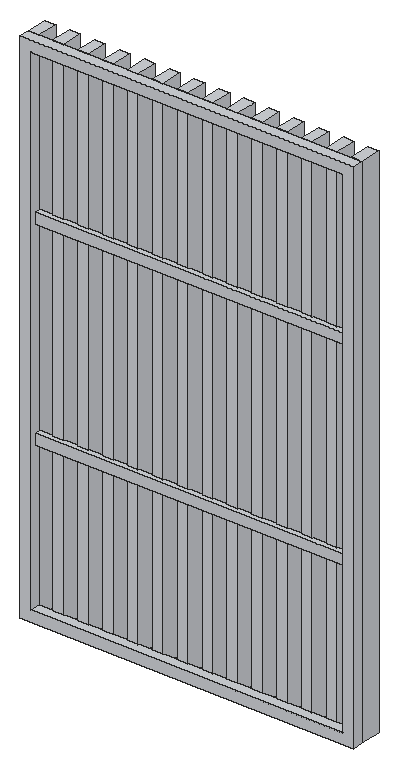
Revit family "Privacy Screen_Virtical Members", category Generic Models, Revit 2025
Family settings
  Can host rebar = No
  Round Connector Dimension = Use Diameter
  Part Type = Normal
  Work Plane-Based = No
  Always vertical = Yes
  Cut with Voids When Loaded = No
  Maintain Annotation Orientation = No
  Shared = No
  Room Calculation Point = No
Parameters
  Screen height = 2500 mm
  Screen Width = 1600 mm
  Post Width = 100 mm
  Post Height = Screen height  # 2500 mm
  Post Depth = 50 mm
  Material = none
  Frame Width = 50 mm
  Frame Depth = 50 mm
  Default Elevation = 0 mm
  Bottom Battern Height = 750 mm
  Battern Width = 25 mm
  Battern Thickness = 50 mm
  Battern Space = 1000 mm
  Battern Length = Screen Width - 2 * Frame Depth  # 1500 mm
  Baluster Start = 50 mm  # constant formula
  Baluster Count = (((Screen Width - 2 * Frame Depth - 2 * Baluster Start) / Post Depth)) / 2  # 14
Reference planes
  plane 1 "Center (Front/Back)": y = 0
  plane 2: z = 0
  plane 3 "Center (Left/Right)": x = 0
  plane 4: x = -800
  plane 5: x = 800
  plane 6: z = 2500
  plane 7: z = 50
  plane 8: x = -750
  plane 9: x = 750
  plane 10: z = 2450
  plane 11: y = -25
  plane 12: y = 25
  plane 13: x = -700
  plane 14: x = -750
  plane 15: x = 700
  plane 16: x = 750
  plane 17: z = 750
  plane 18: z = 1750
  plane 19: y = 0
Forms (mm)
  Sweep 1, solid, material <- "Material"
    path origin (0, 0, 0) x (1, 0, 0) y (0, 0, 1)
      loop
        line (-800, 0) -> (800, 0) -> (800, 2500) -> (-800, 2500) -> (-800, 0)
    profile origin (-800, 0, 1250) x (0, -1, 0) y (1, 0, 0)
      loop
        line (0, 0) -> (50, 0) -> (50, 50) -> (0, 50) -> (0, 0)
Dimensions and locks
  equal spacing: plane 4, plane 3 "Center (Left/Right)", plane 5
  "Screen Width": plane 4 to plane 5
  "Screen height": plane 6 to plane 2
  "Frame Depth": Sweep 1 sketch curve to Sweep 1 sketch curve
  "Frame Width": Sweep 1 sketch curve to Sweep 1 sketch curve
  "Frame Depth": plane 7 to plane 2
  "Frame Depth": plane 8 to plane 4
  "Frame Depth": plane 9 to plane 5
  "Frame Depth": plane 10 to plane 6
  equal spacing: plane 12, plane 1 "Center (Front/Back)", plane 11
  "Frame Width": plane 12 to plane 11
  "Frame Depth": plane 4 to plane 14
  "Baluster Start": plane 14 to plane 13
  "Frame Depth": plane 5 to plane 16
  "Baluster Start": plane 15 to plane 16
  equal spacing: group 1, group 3, group 4, group 5, group 6, group 7, group 8, group 9, group 10, group 11, group 12, group 13, group 14, group 2  (x2)
  equal spacing: group 2, group 14, group 13, group 12, group 11, group 10, group 9, group 8, group 7, group 6, group 5, group 4, group 3, group 1
  "Bottom Battern Height": plane 17 to level
  "Battern Space": plane 18 to plane 17
  "Battern Width": plane 11 to plane 19
  aligned and locked: level to plane 2
  aligned and locked: Sweep 1 sketch curve to level
  aligned and locked: Sweep 1 sketch curve to plane 4
  aligned and locked: plane 6 to Sweep 1 sketch curve
  aligned and locked: Sweep 1 sketch curve to plane 5
  aligned and locked: nested 12 to plane 3 "Center (Left/Right)"
  aligned and locked: nested 1 to plane 19
  aligned and locked: nested 2 to plane 19
  aligned and locked: plane 11 to nested 12
  aligned and locked: nested 12 to plane 17
  aligned and locked: plane 11 to nested 13
  aligned and locked: nested 13 to plane 3 "Center (Left/Right)"
  aligned and locked: plane 18 to nested 13
  aligned and locked: profile plane to Sweep 1 sketch curve
  aligned and locked: nested 1 to plane 2
  aligned and locked: nested 2 to plane 2
  aligned and locked: nested 2 to plane 5
  aligned and locked: nested 1 to plane 4
Automatic sketch dimensions
  Sweep 1 sketch curve to profile plane = 0 mm
Nested families
  nested 1: "Screen Post" at (-775, 50, 0) x (0, 1, 0) z (0, 0, 1), type "Screen Post"
    with Width 100 mm, Length 50 mm, Height 2500 mm
  nested 2: "Screen Post" at (775, 50, 0) x (0, 1, 0) z (0, 0, 1), type "Screen Post"
    with Width 100 mm, Length 50 mm, Height 2500 mm
  nested 3: "Screen Post" at (-655.769, 50, 0) x (0, 1, 0) z (0, 0, 1), type "Screen Post"
    with Width 100 mm, Length 50 mm, Height 2500 mm
  nested 4: "Screen Post" at (-536.538, 50, 0) x (0, 1, 0) z (0, 0, 1), type "Screen Post"
    with Width 100 mm, Length 50 mm, Height 2500 mm
  nested 5: "Screen Post" at (-417.308, 50, 0) x (0, 1, 0) z (0, 0, 1), type "Screen Post"
    with Width 100 mm, Length 50 mm, Height 2500 mm
  nested 6: "Screen Post" at (-298.077, 50, 0) x (0, 1, 0) z (0, 0, 1), type "Screen Post"
    with Width 100 mm, Length 50 mm, Height 2500 mm
  nested 7: "Screen Post" at (-178.846, 50, 0) x (0, 1, 0) z (0, 0, 1), type "Screen Post"
    with Width 100 mm, Length 50 mm, Height 2500 mm
  nested 8: "Screen Post" at (-59.615, 50, 0) x (0, 1, 0) z (0, 0, 1), type "Screen Post"
    with Width 100 mm, Length 50 mm, Height 2500 mm
  nested 9: "Screen Post" at (59.615, 50, 0) x (0, 1, 0) z (0, 0, 1), type "Screen Post"
    with Width 100 mm, Length 50 mm, Height 2500 mm
  nested 10: "Screen Post" at (178.846, 50, 0) x (0, 1, 0) z (0, 0, 1), type "Screen Post"
    with Width 100 mm, Length 50 mm, Height 2500 mm
  nested 11: "Screen Post" at (298.077, 50, 0) x (0, 1, 0) z (0, 0, 1), type "Screen Post"
    with Width 100 mm, Length 50 mm, Height 2500 mm
  nested 12: "Screen Front Battern" at (0, -12.5, 750) x (-1, 0, 0) z (0, 0, 1), type "Screen Front Battern"
    with Length 1500 mm
  nested 13: "Screen Front Battern" at (0, -12.5, 1700) x (-1, 0, 0) z (0, 0, 1), type "Screen Front Battern"
    with Length 1500 mm
  nested 14: "Screen Post" at (417.308, 50, 0) x (0, 1, 0) z (0, 0, 1), type "Screen Post"
    with Width 100 mm, Length 50 mm, Height 2500 mm
  nested 15: "Screen Post" at (536.538, 50, 0) x (0, 1, 0) z (0, 0, 1), type "Screen Post"
    with Width 100 mm, Length 50 mm, Height 2500 mm
  nested 16: "Screen Post" at (655.769, 50, 0) x (0, 1, 0) z (0, 0, 1), type "Screen Post"
    with Width 100 mm, Length 50 mm, Height 2500 mm
Definition of nested family "Screen Post"
  Parameters (values of type "Screen Post")
    Width = 150 mm
    Material = none
    Length = 150 mm
    Height = 1500 mm
    Default Elevation = 0 mm
  Reference planes
    plane 1 "Center (Front/Back)": y = 0
    plane 2: z = 0
    plane 3 "Center (Left/Right)": x = 0
    plane 4: y = 75
    plane 5: y = -75
    plane 6: x = -75
    plane 7: x = 75
    plane 8: z = 1500
  Forms (mm)
    Extrusion 1, solid, material <- "Material"
      sketch origin (0, 0, 0) x (1, 0, 0) y (0, 1, 0)
        loop
          line (-75, -75) -> (75, -75) -> (75, 75) -> (-75, 75) -> (-75, -75)
      from 0 to 1500
  Dimensions and locks
    equal spacing: plane 5, plane 1 "Center (Front/Back)", plane 4
    "Length": plane 4 to plane 5
    equal spacing: plane 6, plane 3 "Center (Left/Right)", plane 7
    "Width": plane 6 to plane 7
    "Height": plane 8 to plane 2
    aligned and locked: level to plane 2
    aligned and locked: plane 5 to Extrusion 1 sketch curve
    aligned and locked: Extrusion 1 sketch curve to plane 6
    aligned and locked: plane 4 to Extrusion 1 sketch curve
    aligned and locked: Extrusion 1 sketch curve to plane 7
    aligned and locked: plane 8 to Extrusion 1
    aligned and locked: Extrusion 1 to level
Definition of nested family "Screen Front Battern"
  Parameters (values of type "Screen Front Battern")
    Width = 25 mm
    Thickness = 50 mm
    Material = none
    Length = 1000 mm
    Default Elevation = 0 mm
  Reference planes
    plane 1 "Center (Front/Back)": y = 0
    plane 2: z = 0
    plane 3 "Center (Left/Right)": x = 0
    plane 4: y = 12.5
    plane 5: y = -12.5
    plane 6: x = -500
    plane 7: x = 500
    plane 8: z = 50
  Forms (mm)
    Extrusion 1, solid
      sketch origin (0, 0, 0) x (0, 1, 0) y (0, 0, 1)
        loop
          line (12.5, 0) -> (12.5, 50) -> (-12.5, 50) -> (-12.5, 0) -> (12.5, 0)
      from -500 to 500
  Dimensions and locks
    equal spacing: plane 5, plane 1 "Center (Front/Back)", plane 4
    equal spacing: plane 6, plane 3 "Center (Left/Right)", plane 7
    "Length": plane 6 to plane 7
    "Thickness": plane 8 to plane 2
    equal spacing: plane 4, plane 1 "Center (Front/Back)", plane 5
    "Width": plane 4 to plane 5
    aligned and locked: level to plane 2
    aligned and locked: level to Extrusion 1 sketch curve
    aligned and locked: Extrusion 1 sketch curve to plane 4
    aligned and locked: Extrusion 1 sketch curve to plane 8
    aligned and locked: Extrusion 1 sketch curve to plane 5
    aligned and locked: Extrusion 1 to plane 6
    aligned and locked: Extrusion 1 to plane 7
